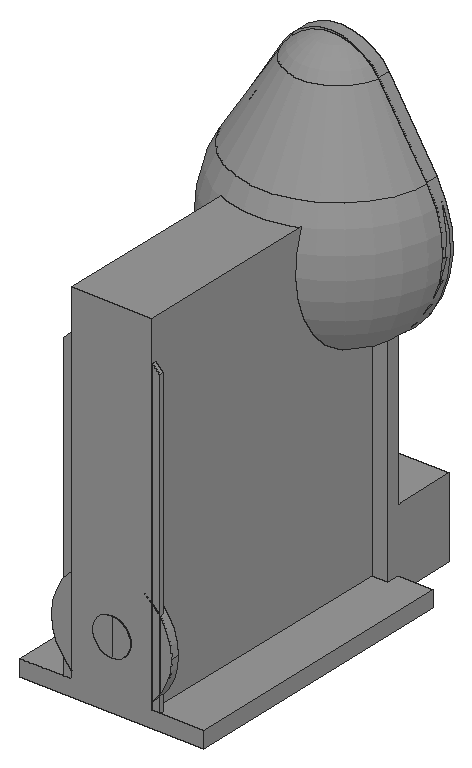
Revit family "Toilet-Willoughby-ETF-1490-FM-FA-BS-HC", category Plumbing Fixtures, Revit 2015
Parameters (values of type "Standard")
  Waste DIA = 2 3/8"
  Waste Connection = yes
  W-RAD [instance] = Waste DIA / 2  # 0' - 1 3/16"
  Vent Connection = no
  URL = "https://www.willoughby-ind.com/wp-content/uploads/2018/01/ETF-1490-FM-FA.pdf"
  Type Comments = ""
  Revision = "A"
  Model = "ETF-1490-FM-FA-BS"
  Manufacturer = "Willoughby Industries"
  HW Connection = no
  Flush inlet DIA = 1 1/2"
  Flush Inlet Connection = yes
  Fixture Body = Stainless Steel AISI 304-Willoughby
  F-RAD [instance] = Flush inlet DIA / 2  # 0' - 0 3/4"
  Description = "Floor Outlet, Floor Mounted Toilet, Front Access, Back Spud"
  Default Elevation = 0' - 0"
  Contact Number = "(800) 428-4065"
  CW Connection = no
Reference planes (in)
  plane 1 "Base": y = -16.25
  plane 2: z = 0
  plane 3 "Center": x = 18.31072
  plane 4 "Waste height": y = -4.75
  plane 5: y = -1.25
  plane 6: z = -6.75
  plane 7: y = -2.125
  plane 8: y = -14.0625
  plane 9: y = 0.5
  plane 10: x = 16.56072
  plane 11: x = 20.06072
  plane 12: x = 11.56072
  plane 13: x = 25.06072
  plane 14: z = 23
  plane 15: z = 30.75
  plane 16: x = 15.81072
  plane 17: x = 20.81072
  plane 18: x = 15.81072
  plane 19: x = 20.81072
  plane 20: z = 4.25
  plane 21: x = 12.56072
  plane 22: x = 24.06072
  plane 23: y = 2.75
Forms (in)
  Extrusion 1, solid, material "Stainless Steel AISI 304-Willoughby" <- "Fixture Body"
    sketch origin (16.08109, 7.47968, -2.20225) x (-1, 0, 0) y (0, 0, -1)
      loop
        line (1.29775, -16.80087) -> (1.29775, -3.20225) -> (-5.72963, -3.20225) -> (-5.72963, -16.81676)
        arc (-5.72963, -16.81676) -> (-8.98136, -21.11843) -> (-8.21015, -26.45542) r 7
        line (-8.21015, -26.45542) -> (-5.16818, -31.31054)
        arc (-5.16818, -31.31054) -> (-2.20225, -32.95225) -> (0.76368, -31.31054) r 3.5
        line (0.76368, -31.31054) -> (3.80565, -26.45542)
        arc (3.80565, -26.45542) -> (4.5729, -21.10311) -> (1.29775, -16.80087) r 7
      loop
        arc (2.03989, -24.70557) -> (-2.20225, -18.23804) -> (-6.44438, -24.70557) r 4.625
        line (-6.44438, -24.70557) -> (-4.04125, -30.23842)
        arc (-4.04125, -30.23842) -> (-2.20225, -31.45225) -> (-0.36324, -30.23842) r 2
        line (-0.36324, -30.23842) -> (2.03989, -24.70557)
    from 8.72968 to 9.5
  Revolve 2, solid, material "Stainless Steel AISI 304-Willoughby" <- "Fixture Body"
    sketch origin (19.37246, -1.52032, 1.00169) x (-1, 0, 0) y (0, 0, -1)
      loop
        line (1.06174, -12.59906) -> (1.06174, -12.84906)
        arc (1.06174, -12.84906) -> (6.91177, -17.54136) -> (5.58904, -24.92315) r 7.34171
        line (5.58904, -24.92315) -> (3.81535, -27.91457)
        arc (3.81535, -27.91457) -> (2.63527, -29.03194) -> (1.06174, -29.43826) r 3.25
        line (1.06174, -29.43826) -> (1.06174, -29.68826)
        arc (1.06174, -29.68826) -> (2.75672, -29.25045) -> (4.02767, -28.04656) r 3.5
        line (4.02767, -28.04656) -> (7.06964, -23.19143)
        arc (7.06964, -23.19143) -> (7.15052, -16.14555) -> (1.06174, -12.59906) r 7
      axis (1.06174, -12.59906) -> (1.06174, -29.68826)
    angle from 0 to -180
  Extrusion 3, solid, material "Stainless Steel AISI 304-Willoughby" <- "Fixture Body"
    sketch origin (19.53334, -3.02032, -4.9508) x (0, 1, 0) y (0, 0, 1)
      loop
        line (-4.42257, 4.9508) -> (1.02643, 4.9508) -> (1.02643, 18.97156)
        arc (1.02643, 18.97156) -> (-2.31062, 20.32275) -> (-4.42257, 23.23845) r 6.52287
        line (-4.42257, 23.23845) -> (-4.42257, 4.9508)
    from 1.27686 to -3.72262
  Extrusion 4, solid, material "Stainless Steel AISI 304-Willoughby" <- "Fixture Body"
    sketch origin (18.31072, 0, -1) x (0, 1, 0) y (0, 0, 1)
      loop
        line (-1.25, 1) -> (2.75, 1) -> (2.75, 6) -> (-1.25, 6) -> (-1.25, 1)
    from -3.52738 to 3.5
  Extrusion 5, solid, material "Stainless Steel AISI 304-Willoughby" <- "Fixture Body"
    sketch origin (0, 0, 0) x (1, 0, 0) y (0, 1, 0)
      loop
        circle (18.31072, 0.5) r 0.75
    from 0 to 1
  Extrusion 6, solid, material "Stainless Steel AISI 304-Willoughby" <- "Fixture Body"
    sketch origin (0, -16.25, 0) x (1, 0, 0) y (0, 0, 1)
      loop
        line (24.06072, 0) -> (24.06072, 1) -> (12.56072, 1) -> (12.56072, 0) -> (24.06072, 0)
    from -15 to 3.00152
  Extrusion 7, solid, material "Stainless Steel AISI 304-Willoughby" <- "Fixture Body"
    sketch origin (0, -16.25, 0) x (1, 0, 0) y (0, 0, 1)
      loop
        line (20.81072, 0) -> (20.81072, 23) -> (15.81072, 23) -> (15.81072, 0) -> (20.81072, 0)
    from 3.00152 to -8.80711
  Revolve 8, solid, material "Stainless Steel AISI 304-Willoughby" <- "Fixture Body"
    sketch origin (18.31072, -3, 0) x (0, 1, 0) y (0, 0, 1)
      loop
        line (-16.25152, 4.25) -> (-14.08343, 4.25) -> (-14.08343, 5.4375) -> (-16.25152, 5.4375) -> (-16.25152, 4.25)
      axis (-14.08343, 4.25) -> (-16.25152, 4.25)
    angle from 0 to 360
  Extrusion 9, solid, material "Stainless Steel AISI 304-Willoughby" <- "Fixture Body"
    sketch origin (0, -16.25, 0) x (1, 0, 0) y (0, 0, 1)
      loop
        circle (18.31072, 4.25) r 3.75
    from 3 to 2.5
  Extrusion 10, solid, material "Stainless Steel AISI 304-Willoughby" <- "Fixture Body"
    sketch origin (0, -16.25, 0) x (1, 0, 0) y (0, 0, 1)
      loop
        line (20.81072, 1) -> (21.31072, 1) -> (21.31072, 20) -> (20.81072, 20.5) -> (15.81072, 20.5) -> (15.31072, 20) -> (15.31072, 1) -> (15.81072, 1) -> (20.81072, 1)
    from 3 to 2.75
Cuts and joins
  joined: Extrusion 1, Extrusion 3, Extrusion 4, Extrusion 6, Extrusion 7
Lines and regions (in)
  symbolic lines
    curve 1: line (12.56072, -16.25, 0) -> (12.56072, -1.25, 0)
    curve 2: line (12.56072, -1.25, 0) -> (24.06072, -1.25, 0)
    curve 3: line (24.06072, -1.25, 0) -> (24.06072, -16.25, 0)
    curve 4: line (24.06072, -16.25, 0) -> (12.56072, -16.25, 0)
    curve 5: line (14.78334, -1.25, 0) -> (14.78334, 2.75, 0)
    curve 6: line (14.78334, 2.75, 0) -> (21.81072, 2.75, 0)
    curve 7: line (21.81072, 2.75, 0) -> (21.81072, -1.25, 0)
    curve 8: line (11.28334, -2.02032, 0) -> (11.28334, -1.25, 0)
    curve 9: line (11.28334, -1.25, 0) -> (25.28334, -1.25, 0)
    curve 10: line (25.28334, -1.25, 0) -> (25.28334, -2.02032, 0)
    curve 11: arc (25.28334, -2.02032, 0) -> (23.08111, -6.64837, 0) -> (18.31072, -8.52239, 0) r 6.97585
    curve 12: arc (18.31072, -8.52239, 0) -> (13.52719, -6.64379, 0) -> (11.28334, -2.02032, 0) r 7.0627
    curve 13: line (15.81072, -8.06019, 0) -> (15.81072, -16.25, 0)
    curve 14: line (20.81072, -8.06397, 0) -> (20.81072, -16.25, 0)
    curve 23: arc (21.81072, -16.25, 14.61451) -> (25.06245, -16.25, 18.91618) -> (24.29124, -16.25, 24.25317) r 7
    curve 24: line (24.29124, -16.25, 24.25317) -> (21.24927, -16.25, 29.1083)
    curve 25: arc (21.24927, -16.25, 29.1083) -> (18.28334, -16.25, 30.75) -> (15.31741, -16.25, 29.1083) r 3.5
    curve 26: line (15.31741, -16.25, 29.1083) -> (12.35249, -16.25, 24.379)
    curve 27: arc (12.35249, -16.25, 24.379) -> (11.49002, -16.25, 18.97236) -> (14.78334, -16.25, 14.59862) r 7
    curve 28: line (12.56072, -16.25, 0) -> (24.06072, -16.25, 0)
    curve 29: line (24.06072, -16.25, 0) -> (24.06072, -16.25, 1)
    curve 30: line (24.06072, -16.25, 1) -> (21.81072, -16.25, 1)
    curve 31: line (14.78334, -16.25, 1) -> (12.56072, -16.25, 1)
    curve 32: line (12.56072, -16.25, 1) -> (12.56072, -16.25, 0)
    curve 39: line (18.31072, -16.25, 0) -> (18.31072, 2.75, 0)
    curve 40: line (18.31072, 2.75, 0) -> (18.31072, 2.75, 5)
    curve 41: line (18.31072, 2.75, 5) -> (18.31072, -1.25, 5)
    curve 42: line (18.31072, -1.25, 5) -> (18.31072, -1.25, 30.75)
    curve 43: line (18.31072, -1.25, 30.75) -> (18.31072, -2.02032, 30.75)
    curve 44: arc (18.31072, -2.02032, 30.75) -> (18.31072, -3.30775, 30.20786) -> (18.31072, -4.32667, 29.25224) r 3.95799
    curve 45: line (18.31072, -4.32667, 29.25224) -> (18.31072, -7.52822, 24.19312)
    curve 46: arc (18.31072, -7.52822, 24.19312) -> (18.31072, -7.8446, 23.61437) -> (18.31072, -8.08458, 23) r 5.16145
    curve 47: line (18.31072, -7.5944, 23) -> (18.31072, -16.25, 23)
    curve 48: line (18.31072, -16.25, 23) -> (18.31072, -16.25, 0)
    curve 49: line (18.31072, -16.25, 1) -> (18.31072, -2.02032, 1)
    curve 50: line (18.31072, -2.02032, 0) -> (18.31072, -2.02032, 14.0236)
    curve 51: arc (18.31072, -2.02032, 14.0236) -> (18.31072, -4.33607, 14.70091) -> (18.31072, -6.27296, 16.13962) r 6.84521
    curve 52: arc (18.31072, -6.27296, 16.13962) -> (18.31072, -7.60685, 18.26418) -> (18.31072, -8.03719, 20.73557) r 6.50212
    curve 53: arc (18.31072, -8.03719, 20.73557) -> (18.31072, -7.91305, 21.88681) -> (18.31072, -7.5944, 23) r 6.76463
    curve 54: line (14.78334, -16.25, 14.59862) -> (14.78334, -16.25, 1)
    curve 55: line (21.81072, -16.25, 14.61451) -> (21.81072, -16.25, 1)
    curve 56: line (21.81072, -16.25, 5) -> (14.78334, -16.25, 5)
  symbolic lines, detail levels fine
    curve 15: line (14.56072, -16.25, 0) -> (14.56072, -15.75, 0)
    curve 16: line (14.56072, -15.75, 0) -> (15.81072, -15.75, 0)
    curve 17: line (20.81072, -15.75, 0) -> (22.06072, -15.75, 0)
    curve 18: line (22.06072, -15.75, 0) -> (22.06072, -16.25, 0)
    curve 19: line (21.31072, -16.25, 0) -> (21.31072, -16, 0)
    curve 20: line (21.31072, -16, 0) -> (20.81072, -16, 0)
    curve 21: line (15.31072, -16.25, 0) -> (15.31072, -16, 0)
    curve 22: line (15.31072, -16, 0) -> (15.81072, -16, 0)
  symbolic lines, detail levels medium+fine
    curve 33: arc (14.78334, -16.25, 5.52282) -> (14.56072, -16.25, 4.25) -> (14.78334, -16.25, 2.97718) r 3.75
    curve 34: arc (21.81072, -16.25, 2.90371) -> (22.06072, -16.25, 4.25) -> (21.81072, -16.25, 5.59629) r 3.75
    curve 35: line (22.52547, -16.25, 22.50332) -> (20.12234, -16.25, 28.03617)
    curve 36: arc (20.12234, -16.25, 28.03617) -> (18.28334, -16.25, 29.2424) -> (16.44433, -16.25, 28.03617) r 2.00498
    curve 37: line (16.44433, -16.25, 28.03617) -> (14.0412, -16.25, 22.50332)
    curve 38: arc (14.0412, -16.25, 22.50332) -> (18.28334, -16.25, 16.0358) -> (22.52547, -16.25, 22.50332) r 4.625
Dimensions and locks (in)
  plane 1 "Base" to plane 4 "Waste height" = 0' - 11 1/2"
  plane 1 "Base" to plane 5 = 1' - 3"
  locked: plane 1 "Base" to plane 9 at 16.75
  level to plane 15 = 2' - 6 3/4"
  plane 21 to plane 22 = 0' - 11 1/2"  (x2)
  plane 13 to plane 22 = 0' - 1"
  plane 18 to plane 19 = 0' - 5"
  "F-RAD": radius of Extrusion 5 sketch curve
  aligned and locked: plane 9 to Extrusion 5 sketch curve
  aligned and locked: plane 3 "Center" to Extrusion 5 sketch curve
  aligned and locked: Revolve 8 sketch curve to Revolve 8 sketch curve  (x2)
  aligned and locked: Extrusion 5 to level
Automatic sketch dimensions
  Extrusion 1 sketch curve to Extrusion 1 sketch curve = 0' - 0"  (x8)
  level to Extrusion 1 sketch curve = 0' - 1"
  plane 3 "Center" to Extrusion 1 sketch curve = 0' - 5.98052"
  Extrusion 1 sketch curve to Extrusion 1 sketch curve = 0' - 1.76576"  (x2)
  plane 3 "Center" to Extrusion 1 sketch curve = 0' - 3 1/2"
  plane 3 "Center" to Extrusion 1 sketch curve = 0' - 2.93855"
  Extrusion 1 sketch curve to Extrusion 1 sketch curve = 0' - 1.12693"  (x2)
  Extrusion 1 sketch curve to plane 3 "Center" = 0' - 0.02738"  (x2)
  Extrusion 1 sketch curve to plane 3 "Center" = 0' - 1.86639"
  Extrusion 1 sketch curve to plane 3 "Center" = 0' - 3.52738"
  Extrusion 1 sketch curve to plane 3 "Center" = 0' - 4 69/256"
  Extrusion 1 sketch curve to Extrusion 1 sketch curve = 1' - 1.59862"
  Extrusion 1 sketch curve to Extrusion 1 sketch curve = 0' - 0.01589"
  Extrusion 1 sketch curve to Extrusion 1 sketch curve = 0' - 6.06218"
  Extrusion 1 sketch curve to Extrusion 1 sketch curve = 0' - 1.74985"
  Extrusion 1 sketch curve to Extrusion 1 sketch curve = 0' - 4.74668"
  Extrusion 1 sketch curve to Extrusion 1 sketch curve = 0' - 0.78617"
  Extrusion 1 sketch curve to Extrusion 1 sketch curve = 0' - 1.07212"
  Extrusion 4 sketch curve to level = 0' - 0"
  Extrusion 4 sketch curve to plane 5 = 0' - 0"
  Extrusion 4 sketch curve to plane 9 = 0' - 2 1/4"
  level to Extrusion 4 sketch curve = 0' - 5"
  Extrusion 6 sketch curve to level = 0' - 0"
  level to Extrusion 6 sketch curve = 0' - 1"
  plane 12 to Extrusion 6 sketch curve = 0' - 1"
  Extrusion 6 sketch curve to plane 13 = 0' - 1"
  Extrusion 7 sketch curve to level = 0' - 0"
  Extrusion 7 sketch curve to plane 10 = 0' - 0 3/4"
  plane 11 to Extrusion 7 sketch curve = 0' - 0 3/4"
  Extrusion 7 sketch curve to plane 14 = 0' - 0"
  Extrusion 3 sketch curve to level = 0' - 0"
  plane 4 "Waste height" to Extrusion 3 sketch curve = 0' - 2.69289"
  plane 7 to Extrusion 3 sketch curve = 0' - 0.13111"
  plane 5 to Extrusion 3 sketch curve = 0' - 0.05941"
  Extrusion 3 sketch curve to plane 14 = 0' - 2.49238"
  Extrusion 3 sketch curve to Extrusion 3 sketch curve = 0' - 6.48686"
  Revolve 2 sketch curve to plane 3 "Center" = 0' - 0"  (x3)
  plane 3 "Center" to Revolve 2 sketch curve = 0' - 0"
  Revolve 2 sketch curve to plane 11 = 0' - 0.72567"
  plane 18 to Revolve 2 sketch curve = 0' - 0.25361"
  Revolve 2 sketch curve to Revolve 2 sketch curve = 0' - 0.21232"
  plane 12 to Revolve 2 sketch curve = 0' - 0.7421"
  Revolve 2 sketch curve to plane 15 = 0' - 0.06005"
  Revolve 2 sketch curve to Revolve 2 sketch curve = 0' - 0 1/4"  (x2)
  Revolve 2 sketch curve to plane 15 = 0' - 1.70176"
  Revolve 2 sketch curve to Revolve 2 sketch curve = 0' - 0.13199"
  plane 14 to Revolve 2 sketch curve = 0' - 1.19312"
  Revolve 2 sketch curve to plane 14 = 0' - 1.87935"
  Revolve 2 sketch curve to Revolve 2 sketch curve = 0' - 0.51991"
  plane 18 to Revolve 2 sketch curve = 0' - 2.0273"
  plane 14 to Revolve 2 sketch curve = 0' - 0.93995"
  Revolve 2 sketch curve to Revolve 2 sketch curve = 0' - 2.4108"
  Extrusion 9 sketch curve to plane 3 "Center" = 0' - 0"
  Extrusion 9 sketch curve to plane 20 = 0' - 0"
  plane 18 to Extrusion 10 sketch curve = 0' - 0"  (x2)
  plane 19 to Extrusion 10 sketch curve = 0' - 0"  (x2)
  Extrusion 10 sketch curve to Extrusion 10 sketch curve = 0' - 0 1/2"  (x3)
  Extrusion 10 sketch curve to plane 19 = 0' - 0 1/2"
  level to Extrusion 10 sketch curve = 0' - 1"
  Extrusion 10 sketch curve to plane 14 = 0' - 3"
  Revolve 8 sketch curve to plane 20 = 0' - 0"
  plane 1 "Base" to Revolve 8 sketch curve = 0' - 3.00152"
  plane 8 to Revolve 8 sketch curve = 0' - 3.02093"
  plane 20 to Revolve 8 sketch curve = 0' - 1 3/16"
  Revolve 8 sketch curve to Revolve 8 sketch curve = 0' - 1.49848"
  plane 5 to curve 8 = 0' - 0"
  plane 5 to curve 2 = 0' - 0"
  curve 2 to plane 21 = 0' - 0"
  plane 1 "Base" to curve 15 = 0' - 0"
  curve 6 to plane 23 = 0' - 0"
  curve 22 to plane 18 = 0' - 0"
  curve 11 to plane 3 "Center" = 0' - 0"
  curve 12 to plane 3 "Center" = 0' - 0"
  curve 17 to plane 19 = 0' - 0"
  curve 4 to plane 22 = 0' - 0"
  curve 9 to plane 12 = 0' - 0.27738"
  curve 15 to plane 1 "Base" = 0' - 0 1/2"
  plane 18 to curve 15 = 0' - 1 1/4"
  plane 18 to curve 6 = 0' - 1.02738"
  plane 3 "Center" to curve 11 = 0' - 0.01288"
  plane 3 "Center" to curve 12 = 0' - 0.01304"
  curve 20 to curve 19 = 0' - 0 1/2"
  curve 6 to plane 19 = 0' - 1"
  curve 19 to curve 17 = 0' - 0 3/4"
  curve 2 to curve 10 = 0' - 1.22262"
  curve 20 to plane 1 "Base" = 0' - 0 1/4"
  curve 18 to curve 18 = 0' - 0 1/2"
  plane 7 to curve 8 = 0' - 0.10468"
  plane 7 to curve 10 = 0' - 0.10468"
  curve 21 to plane 1 "Base" = 0' - 0 1/4"
  plane 18 to curve 21 = 0' - 0 1/2"
  curve 49 to plane 1 "Base" = 0' - 0"
  curve 46 to plane 14 = 0' - 0"
  curve 43 to plane 15 = 0' - 0"
  curve 43 to plane 5 = 0' - 0"
  curve 41 to plane 23 = 0' - 0"
  curve 39 to level = 0' - 0"
  plane 4 "Waste height" to curve 47 = 0' - 2.8444"
  plane 14 to curve 45 = 0' - 1.19312"
  curve 53 to curve 45 = 0' - 0.06618"
  curve 45 to plane 4 "Waste height" = 0' - 0.42333"
  curve 46 to plane 7 = 0' - 1.04173"
  plane 7 to curve 43 = 0' - 0.10468"
  plane 5 to curve 52 = 0' - 0.2866"
  plane 5 to curve 51 = 0' - 0.03668"
  plane 5 to curve 53 = 0' - 0.02415"
  curve 44 to plane 5 = 0' - 0.09792"
  plane 20 to curve 42 = 0' - 0 3/4"
  curve 50 to plane 14 = 0' - 8.9764"
  curve 53 to plane 14 = 0' - 2.41138"
  curve 53 to curve 52 = 0' - 0.0057"
  curve 53 to curve 51 = 0' - 0.24076"
  curve 46 to plane 14 = 0' - 1.56695"
  curve 44 to curve 42 = 0' - 3.86159"
  curve 52 to curve 53 = 0' - 0"
  plane 7 to curve 49 = 0' - 0.10468"
  level to curve 49 = 0' - 1"
  curve 23 to curve 27 = 0' - 0"
  curve 23 to curve 38 = 0' - 0"  (x2)
  curve 27 to curve 38 = 0' - 0"
  curve 33 to curve 34 = 0' - 0"  (x2)
  plane 21 to curve 28 = 0' - 0"
  curve 34 to plane 3 "Center" = 0' - 0"
  plane 22 to curve 28 = 0' - 0"
  curve 32 to level = 0' - 0"
  curve 34 to plane 20 = 0' - 0"
  plane 21 to curve 26 = 0' - 0.20823"
  curve 37 to plane 14 = 0' - 0.49668"
  curve 37 to plane 21 = 0' - 1 123/256"
  plane 18 to curve 54 = 0' - 1.02738"
  plane 18 to curve 26 = 0' - 0.49331"
  curve 37 to plane 10 = 0' - 0.11639"
  curve 27 to plane 3 "Center" = 0' - 0.02738"
  curve 25 to plane 3 "Center" = 0' - 0.02738"
  curve 25 to curve 36 = 0' - 0"
  plane 11 to curve 35 = 0' - 0.06162"
  curve 24 to plane 19 = 0' - 0.43855"
  curve 55 to plane 19 = 0' - 1"
  curve 35 to plane 14 = 0' - 0.49668"
  curve 24 to plane 22 = 0' - 0.23052"
  level to curve 54 = 0' - 1"
  level to curve 55 = 0' - 1"
  curve 54 to curve 37 = 0' - 7.9047"
  curve 27 to curve 55 = 0' - 0.01589"
  curve 23 to plane 14 = 0' - 2.3392"
  curve 36 to plane 15 = 0' - 3.51258"
  curve 36 to curve 25 = 0' - 0.01258"
  curve 25 to curve 37 = 0' - 0.78617"
  curve 37 to curve 26 = 0' - 1.07212"
  curve 34 to plane 20 = 0' - 1.34629"
  curve 33 to plane 20 = 0' - 1.27282"
  curve 56 to curve 34 = 0' - 0.59629"
  radius of Extrusion 9 sketch curve = 0' - 3 3/4"
Connectors (in)
  piping at (18.31072, 0.5, 1), diameter 1.5, driven by "F-RAD", driven by "Flush Inlet Connection"
    settings: on Extrusion 5, index 2, connector inside diameter 1 1/2", connector length 0' - 0", flow factor 0, pipe flow 0 GPM, pressure drop 0.00 psi, fitting loss kfactor 0, connector angle 0.00°, fixture units 0, engagement length 0' - 0", angle of deflection 0.00°, flow configuration 0, flow direction 1, fitting loss method 0, system type 20, joint type 0, gender type 0, connector reference index -1, connector utility 1, adjustable connector no, is connector primary yes, connector description "Flush Inlet"
  piping at (18.31072, -19.25152, 4.25), diameter 2.375, driven by "W-RAD", driven by "Waste Connection"
    settings: on Revolve 8, index 4, connector inside diameter 24", connector length 0' - 0", flow factor 0, pipe flow 0 GPM, pressure drop 0.00 psi, fitting loss kfactor 0, connector angle 0.00°, fixture units 0, engagement length 0' - 0", angle of deflection 0.00°, flow configuration 0, flow direction 2, fitting loss method 0, system type 16, joint type 0, gender type 0, connector reference index -1, connector utility 1, adjustable connector no, is connector primary no, connector description "Toilet Waste"
